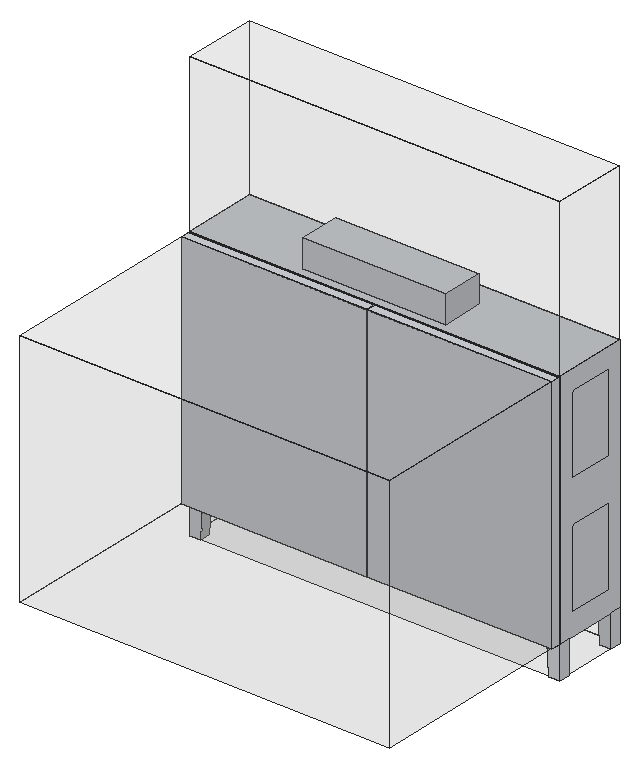
Revit family "AHU 3 _6", category Mechanické zařízení, Revit 2018
Family settings
  Kóta kulaté spojky = Použít průměr
  Typ dílu = Normální
  Číslo OmniClass = 23.75.00.00
  Nadpis OmniClass = Climate Control (HVAC)
  Založené na pracovní rovině = Ne
  Vždy vertikální = Ano
  Ořezat dutým tvarem při načtení = Ne
  Sdílené = Ne
  Bod výpočtu místnosti = Ne
Parameters (values of type "DUPLEXVENT Flexi (3G) DV1100 (RD5)")
  Width [instance] = 0.39 mm
  Weight [instance] = 169.00 kg
  URL = ""
  Type [instance] = "DUPLEXVENT Flexi (3G) DV1100 (RD5)"
  Total_SFP [instance] = 0
  Supply_outlet_hum [instance] = 27.1
  Supply_inlet_hum [instance] = 90
  Supply_ext_pressure [instance] = 200.0 Pa
  Supply_SFP [instance] = 0
  Source_adu_file [instance] = "C:\\\\Users\\\\dgavril\\\\OneDrive - Airflow Developments Ltd\\\\Desktop\\\\adu durley chine V4.adu"
  Recuperation_type [instance] = "Plate heat recovery exchanger"
  Recuperation_efficiency_EN308 [instance] = 77
  Project_name [instance] = "Durley Chine Passivhaus"
  Project_date [instance] = "13-08-2021"
  Power_supply_fusing [instance] = "0"
  Power_supply_cable [instance] = "0"
  Position [instance] = "AHU 3 "
  Phases_count [instance] = 1
  Panel_thickness [instance] = 0.06 mm
  Outer_surface [instance] = "RAL 9002"
  Length [instance] = 1.7 mm
  Insulation_type [instance] = "PUR"
  Insulation_thickness [instance] = 0.05 mm
  Installation_environment [instance] = ""
  Input_power_max [instance] = 770 W
  Inner_surface [instance] = "Pozink"
  I2 [instance] = I1  # 0.0 L/s
  Height [instance] = 1.1 mm
  Exhaust_outlet_hum [instance] = 96.2
  Exhaust_inlet_hum [instance] = 40
  Exhaust_ext_pressure [instance] = 200.0 Pa
  Exhaust_SFP [instance] = 0
  E1 [instance] = E2 - M1  # 0.0 L/s
  E2 [instance] = 0.0 L/s
  I1 [instance] = 0.0 L/s
  Description = ""
  M1 [instance] = 0.0 L/s
  Device_dutypoint_version [instance] = "13"
  Device_design_version [instance] = "45"
  Device_adu_id [instance] = "6"
  Current_max [instance] = 5 A
  Casing_mat [instance] = "painted zinc layer"
  Cable type [instance] = "CYKY 5Jx2,5"
Reference planes
  plane 1 "Střed (vpředu/vzadu)": y = 0
  plane 2 "ref": z = 0
  plane 3 "Střed (vlevo/vpravo)": x = 0
Forms (mm)
  Sweep 1, solid
    path origin (0, 0, 0) x (0, 0, 1) y (1, 0, 0)
      loop
        line (0, 0) -> (1100, 0)
    profile origin (0, 0, 0) x (1, 0, 0) y (0, 1, 0)
      loop
        line (0, 0) -> (1700, 0) -> (1700, 345) -> (0, 345) -> (0, 0)
  Sweep 2, solid
    path origin (0, 0, 0) x (0, 0, 1) y (1, 0, 0)
      loop
        line (0, 0) -> (1100, 0)
    profile origin (0, 0, 0) x (1, 0, 0) y (0, 1, 0)
      loop
        line (0, 0) -> (0, -45) -> (1700, -45) -> (1700, 0) -> (0, 0)
  Sweep 3, solid
    path origin (1, 175, 282) x (0, 1, 0) y (-1, 0, 0)
      loop
        line (0, 0) -> (0, 1)
    profile origin (1, 175, 282) x (0, -1, 0) y (0, 0, 1)
      loop
        line (-100, -177) -> (100, -177) -> (100, 177) -> (-100, 177) -> (-100, -177)
  Sweep 4, solid
    path origin (1699, 175, 833) x (1, 0, 0) y (0, 1, 0)
      loop
        line (0, 0) -> (1, 0)
    profile origin (1699, 175, 833) x (0, 1, 0) y (0, 0, 1)
      loop
        line (-100, 177) -> (-100, -177) -> (100, -177) -> (100, 177) -> (-100, 177)
  Sweep 5, solid
    path origin (1699, 175, 282) x (1, 0, 0) y (0, 1, 0)
      loop
        line (0, 0) -> (1, 0)
    profile origin (1699, 175, 282) x (0, 1, 0) y (0, 0, 1)
      loop
        line (-100, 177) -> (-100, -177) -> (100, -177) -> (100, 177) -> (-100, 177)
  Sweep 6, solid
    path origin (1, 175, 833) x (0, 1, 0) y (-1, 0, 0)
      loop
        line (0, 0) -> (0, 1)
    profile origin (1, 175, 833) x (0, -1, 0) y (0, 0, 1)
      loop
        line (-100, -177) -> (100, -177) -> (100, 177) -> (-100, 177) -> (-100, -177)
  Sweep 7, solid
    path origin (535, 100, 0) x (0, -1, 0) y (0, 0, 1)
      loop
        line (0, 0) -> (0, -30)
    profile origin (535, 100, 0) x (-1, 0, 0) y (0, -1, 0)
      loop
        circle (0, 0) r 16
  Sweep 8, solid, material "Servisní prostor"
    path origin (0, 0, 0) x (0, 0, 1) y (1, 0, 0)
      loop
        line (0, 0) -> (1100, 0)
    profile origin (0, 0, 0) x (1, 0, 0) y (0, 1, 0)
      loop
        line (0, -975) -> (1700, -975) -> (1700, -45) -> (0, -45) -> (0, -975)
  Sweep 9, solid, material "Servisní prostor"
    path origin (0, 0, 1100) x (0, 0, 1) y (1, 0, 0)
      loop
        line (0, 0) -> (720, 0)
    profile origin (0, 0, 1100) x (1, 0, 0) y (0, 1, 0)
      loop
        line (0, 0) -> (1700, 0) -> (1700, 345) -> (0, 345) -> (0, 0)
  Sweep 10, solid, material "Servisní prostor"
    path origin (0, 0, -150) x (0, 0, 1) y (1, 0, 0)
      loop
        line (0, 0) -> (150, 0)
    profile origin (0, 0, -150) x (1, 0, 0) y (0, 1, 0)
      loop
        line (0, 345) -> (0, 0) -> (1700, 0) -> (1700, 345) -> (0, 345)
  Sweep 11, solid
    path origin (0, 0, 0) x (0, 0, 1) y (1, 0, 0)
      loop
        line (0, 0) -> (1100, 0)
    profile origin (0, 0, 0) x (1, 0, 0) y (0, 1, 0)
      loop
        line (0, -45) -> (850, -45) -> (850, -5) -> (0, -5) -> (0, -45)
  Sweep 12, solid
    path origin (0, 0, 0) x (0, 0, 1) y (1, 0, 0)
      loop
        line (0, 0) -> (1100, 0)
    profile origin (0, 0, 0) x (1, 0, 0) y (0, 1, 0)
      loop
        line (850, -45) -> (1700, -45) -> (1700, -5) -> (850, -5) -> (850, -45)
  Sweep 13, solid
    path origin (25, 50, 0) x (1, 0, 0) y (0, 1, 0)
      loop
        line (0, 0) -> (0, -50)
    profile origin (25, 50, 0) x (1, 0, 0) y (0, 0, 1)
      loop
        line (-25, 0) -> (-25, -150) -> (25, -150) -> (35, 0) -> (-25, 0)
  Sweep 14, solid
    path origin (1675, 50, 0) x (1, 0, 0) y (0, 1, 0)
      loop
        line (0, 0) -> (0, -50)
    profile origin (1675, 50, 0) x (1, 0, 0) y (0, 0, 1)
      loop
        line (-35, 0) -> (-25, -150) -> (25, -150) -> (25, 0) -> (-35, 0)
  Sweep 15, solid
    path origin (25, 345, 0) x (1, 0, 0) y (0, 1, 0)
      loop
        line (0, 0) -> (0, -50)
    profile origin (25, 345, 0) x (1, 0, 0) y (0, 0, 1)
      loop
        line (-25, 0) -> (-25, -150) -> (25, -150) -> (35, 0) -> (-25, 0)
  Sweep 16, solid
    path origin (1675, 345, 0) x (1, 0, 0) y (0, 1, 0)
      loop
        line (0, 0) -> (0, -50)
    profile origin (1675, 345, 0) x (1, 0, 0) y (0, 0, 1)
      loop
        line (-35, 0) -> (-25, -150) -> (25, -150) -> (25, 0) -> (-35, 0)
  Sweep 17, solid
    path origin (0, 0, 1100) x (0, 0, 1) y (1, 0, 0)
      loop
        line (0, 0) -> (125, 0)
    profile origin (0, 0, 1100) x (1, 0, 0) y (0, 1, 0)
      loop
        line (485, 45) -> (1140, 45) -> (1140, 235) -> (485, 235) -> (485, 45)
  Sweep 18, solid
    path origin (485, 140, 1163) x (0, 0, -1) y (1, 0, 0)
      loop
        line (0, 0) -> (0, -1)
    profile origin (485, 140, 1163) x (0, 0, -1) y (0, -1, 0)
      loop
        circle (0, 0) r 10
Lines and regions (mm)
  model lines, style "Symbol"
    curve 1: line (950, -45, 0) -> (950, -45, 220)
    curve 2: line (950, -45, 1100) -> (950, -45, 880)
    curve 3: line (0, -45, 550) -> (620, -45, 550)
    curve 4: line (1700, -45, 550) -> (1280, -45, 550)
    curve 5: line (620, -45, 550) -> (785, -45, 880)
    curve 6: line (785, -45, 880) -> (1115, -45, 880)
    curve 7: line (1115, -45, 880) -> (1280, -45, 550)
    curve 8: line (1280, -45, 550) -> (1115, -45, 220)
    curve 9: line (1115, -45, 220) -> (950, -45, 220)
    curve 10: line (950, -45, 220) -> (785, -45, 220)
    curve 11: line (785, -45, 220) -> (620, -45, 550)
    curve 12: line (1458, -45, 903) -> (1634, -45, 873)
    curve 13: line (1458, -45, 747) -> (1634, -45, 777)
    curve 14: line (242, -45, 747) -> (66, -45, 777)
    curve 15: line (242, -45, 903) -> (66, -45, 873)
    curve 16: line (153, -45, 110) -> (153, -45, 440)
    curve 17: line (153, -45, 440) -> (255, -45, 440)
    curve 18: line (255, -45, 440) -> (255, -45, 110)
    curve 19: line (255, -45, 110) -> (153, -45, 110)
    curve 20: line (204, -45, 110) -> (255, -45, 275)
    curve 21: line (204, -45, 440) -> (255, -45, 275)
    curve 22: line (1547, -45, 440) -> (1547, -45, 110)
    curve 23: line (1547, -45, 110) -> (1445, -45, 110)
    curve 24: line (1445, -45, 110) -> (1445, -45, 440)
    curve 25: line (1445, -45, 440) -> (1547, -45, 440)
    curve 26: line (1496, -45, 440) -> (1445, -45, 275)
    curve 27: line (1496, -45, 110) -> (1445, -45, 275)
    curve 28: line (725, -45, 192) -> (576, -45, 487)
    curve 29: line (576, -45, 487) -> (625, -45, 512)
    curve 30: line (625, -45, 512) -> (774, -45, 217)
    curve 31: line (774, -45, 217) -> (725, -45, 192)
    curve 32: line (635, -45, 381) -> (655, -45, 440)
    curve 33: line (695, -45, 264) -> (715, -45, 323)
    curve 34: line (0, -45, 0) -> (850, -45, 0)
    curve 35: line (0, -45, 1100) -> (850, -45, 1100)
    curve 36: line (0, -45, 0) -> (0, -45, 1100)
    curve 37: line (850, -45, 0) -> (850, -45, 1100)
    curve 38: line (0, -45, 0) -> (0, -5, 0)
    curve 39: line (850, -45, 0) -> (850, -5, 0)
    curve 40: line (0, -45, 1100) -> (0, -5, 1100)
    curve 41: line (850, -45, 1100) -> (850, -5, 1100)
    curve 42: line (850, -45, 0) -> (1700, -45, 0)
    curve 43: line (850, -45, 1100) -> (1700, -45, 1100)
    curve 44: line (850, -45, 0) -> (850, -45, 1100)
    curve 45: line (1700, -45, 0) -> (1700, -45, 1100)
    curve 46: line (850, -45, 0) -> (850, -5, 0)
    curve 47: line (1700, -45, 0) -> (1700, -5, 0)
    curve 48: line (850, -45, 1100) -> (850, -5, 1100)
    curve 49: line (1700, -45, 1100) -> (1700, -5, 1100)
    curve 50: circle (1535, -45, 825) r 110 normal (0, -1, 0)
    curve 51: circle (165, -45, 825) r 110 normal (0, -1, 0)
    curve 52: circle (645, -45, 411) r 8 normal (0, -1, 0)
    curve 53: circle (705, -45, 293) r 8 normal (0, -1, 0)
Dimensions and locks
  aligned and locked: level to plane 2 "ref"
Connectors
  hvac at (0, 175, 282), driven by "E1"
    settings: on Sweep 3, index 1, duct flow 0.0 L/s, flow factor 0, pres drop 0.0 Pa, loss coef 0, conn angle 0.00°, conn width 200 mm, conn height 355 mm, conn diameter 609.6 mm, duct sys type 1, conn prof type 1, flow config 1, flow direction 1, loss method 0, conn ref index -1, conn util no, is conn primary yes, conn desc ""
  hvac at (1700, 175, 833), driven by "E2"
    settings: on Sweep 4, index 2, duct flow 0.0 L/s, flow factor 1, pres drop 0.0 Pa, loss coef 0, conn angle 0.00°, conn width 200 mm, conn height 355 mm, conn diameter 609.6 mm, duct sys type 1, conn prof type 1, flow config 2, flow direction 2, loss method 0, conn ref index -1, conn util no, is conn primary no, conn desc ""
  hvac at (1700, 175, 282), driven by "I1"
    settings: on Sweep 5, index 3, duct flow 0.0 L/s, flow factor 1, pres drop 0.0 Pa, loss coef 0, conn angle 0.00°, conn width 200 mm, conn height 355 mm, conn diameter 609.6 mm, duct sys type 3, conn prof type 1, flow config 2, flow direction 1, loss method 0, conn ref index -1, conn util no, is conn primary no, conn desc ""
  hvac at (0, 175, 833), driven by "I2"
    settings: on Sweep 6, index 4, duct flow 0.0 L/s, flow factor 0, pres drop 0.0 Pa, loss coef 0, conn angle 0.00°, conn width 200 mm, conn height 355 mm, conn diameter 609.6 mm, duct sys type 3, conn prof type 1, flow config 1, flow direction 2, loss method 0, conn ref index -1, conn util no, is conn primary no, conn desc ""
  piping at (535, 100, -30), diameter 22
    settings: on Sweep 7, index 5, connector inside diameter 609.6 mm, connector length 0 mm, flow factor 0, pipe flow 0.0 L/s, pressure drop 0.0 Pa, fitting loss kfactor 0, connector angle 0.00°, fixture units 0, engagement length 0 mm, angle of deflection 0.00°, flow configuration 1, flow direction 2, fitting loss method 0, system type 16, joint type 0, gender type 0, connector reference index -1, connector utility 0, adjustable connector no, is connector primary yes, connector description ""
  electrical at (484, 140, 1163)
    settings: on Sweep 18, index 6, voltage 230 V, apparent load 0 VA, apparent load phase1 0 VA, apparent load phase2 0 VA, apparent load phase3 0 VA, power factor 1, load classification "Další", number of poles 1, system type 31, power factor state 1, is connector primary yes, connector utility no, sub classification motor no, connector description ""
